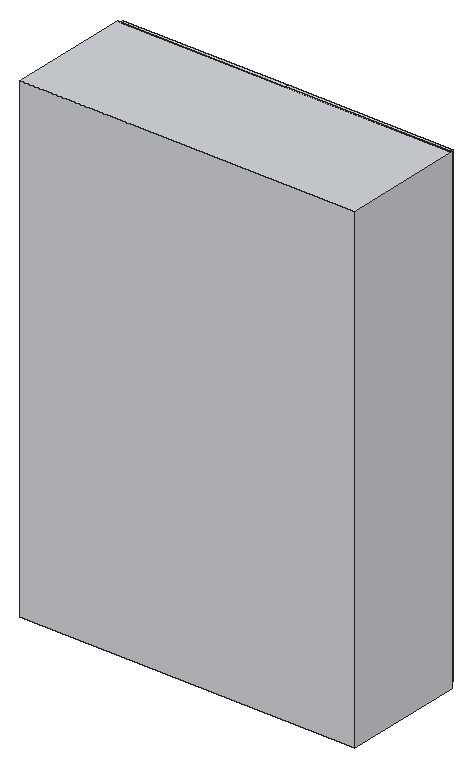
Revit family "Armário - Closet - Porta com armação dupla 1", category Mobiliário, Revit 2019
Family settings
  Número OmniClass = 23.40.20.00
  Título OmniClass = General Furniture and Specialties
  Com base no plano de trabalho = Não
  Sempre na vertical = Sim
  Corte com vazios quando carregada = Não
  Compartilhado = Não
  Ponto de cálculo do ambiente = Não
Parameters
  Largura [instance] = 1600 mm
  Material do closet = none
  Altura [instance] = 2300 mm
  Material do puxador = none
  Linear [instance] = 600 mm
Reference planes
  plane 1 "Centro (Frente/Trás)": y = 0
  plane 2: z = 0
  plane 3 "Centro (Esquerda/Direita)": x = 0
  plane 4: z = 2300
  plane 5: z = 18
  plane 6: z = 1300
  plane 7: z = 500
  plane 8: z = 1200
  plane 9: z = 600
  plane 10: y = 582
  plane 11: y = 600
  plane 12: x = -800
  plane 13: x = 800
  plane 14: x = -787.5
  plane 15: x = 787.5
  plane 16: x = -55
  plane 17: x = 55
  plane 18: y = 650
  plane 19: x = -60
  plane 20: x = -50
  plane 21: x = 60
  plane 22: x = 50
Forms (mm)
  Extrusion 1, solid, material <- "Material do closet", detail levels medium+fine
    sketch origin (0, 0, 0) x (1, 0, 0) y (0, 1, 0)
      loop
        line (-800, 0) -> (800, 0) -> (800, 582) -> (-800, 582) -> (-800, 0)
    from 0 to 2300
  Extrusion 2, solid, material <- "Material do closet", detail levels medium+fine
    sketch origin (0, 0, 0) x (1, 0, 0) y (0, 1, 0)
      loop
        line (-787.5, 582) -> (0, 582) -> (0, 600) -> (-787.5, 600) -> (-787.5, 582)
    from 18 to 2300
  Extrusion 3, solid, material <- "Material do closet", detail levels medium+fine
    sketch origin (0, 0, 0) x (-1, 0, 0) y (0, -1, 0)
      loop
        line (-787.5, -582) -> (-787.5, -600) -> (0, -600) -> (0, -582) -> (-787.5, -582)
    from 18 to 2300
  Extrusion 4, solid, material <- "Material do closet", detail levels coarse
    sketch origin (0, 0, 0) x (1, 0, 0) y (0, 1, 0)
      loop
        line (-800, 0) -> (800, 0) -> (800, 600) -> (-800, 600) -> (-800, 0)
    from 0 to 2300
  Extrusion 5, solid, material <- "Material do puxador", detail levels medium+fine
    sketch origin (0, 0, 0) x (1, 0, 0) y (0, 1, 0)
      loop
        circle (-55, 650) r 10
      loop
        circle (55, 650) r 10
    from 500 to 1300
  Extrusion 6, solid, material <- "Material do puxador", detail levels medium+fine
    sketch origin (0, 0, 0) x (1, 0, 0) y (0, 0, -1)
      loop
        circle (-55, -1200) r 5
      loop
        circle (55, -1200) r 5
      loop
        circle (-55, -600) r 5
      loop
        circle (55, -600) r 5
    from 600 to 650
Lines and regions (mm)
  Masking region 1, detail levels coarse
    outline origin (0, 0, 0) x (0, 1, 0) y (0, 0, 1)
      loop
        line (-618, 2300) -> (-618, 0) -> (0, 0) -> (0, 2300) -> (-618, 2300)
  Masking region 2, detail levels coarse
    outline origin (0, 0, 0) x (1, 0, 0) y (0, 1, 0)
      loop
        line (-800, 0) -> (800, 0) -> (800, 600) -> (-800, 600) -> (-800, 0)
  Masking region 3, detail levels medium+fine
    outline origin (0, 0, 0) x (1, 0, 0) y (0, 1, 0)
      loop
        line (-800, 0) -> (800, 0) -> (800, 582) -> (787.5, 582) -> (787.5, 600) -> (-787.5, 600) -> (-787.5, 582) -> (-800, 582) -> (-800, 0)
  Masking region 4, detail levels medium+fine
    outline origin (0, 0, 0) x (1, 0, 0) y (0, 1, 0)
      loop
        line (-60, 600) -> (-50, 600) -> (-50, 641.34)
        arc (-50, 641.34) -> (-55, 660) -> (-60, 641.34) r 10
        line (-60, 641.34) -> (-60, 600)
      loop
        line (50, 600) -> (60, 600) -> (60, 641.34)
        arc (60, 641.34) -> (55, 660) -> (50, 641.34) r 10
        line (50, 641.34) -> (50, 600)
  Split face 1
    outline origin (800, 600, 0) x (-1, 0, 0) y (0, 0, 1)
      loop
        line (800, 0) -> (800, 2300)
  symbolic lines
    curve 1: line (-800, 0, 0) -> (800, 0, 0)
    curve 3: line (800, 0, 0) -> (800, 582, 0)
    curve 9: line (-800, 582, 0) -> (-800, 0, 0)
    curve 12: line (787.5, 600, 0) -> (-787.5, 600, 0)
  symbolic lines, detail levels coarse
    curve 2: line (-800, 600, 0) -> (-800, 582, 0)
    curve 10: line (800, 582, 0) -> (800, 600, 0)
    curve 13: line (-800, 600, 0) -> (800, 600, 0)
    curve 15: line (-800, 0, 0) -> (800, 600, 0)
    curve 16: line (800, 0, 0) -> (-800, 600, 0)
  symbolic lines, detail levels medium+fine
    curve 4: line (-800, 582, 0) -> (800, 582, 0)
    curve 5: line (-50, 641.34, 0) -> (-50, 600, 0)
    curve 6: line (-60, 641.34, 0) -> (-60, 600, 0)
    curve 7: line (50, 641.34, 0) -> (50, 600, 0)
    curve 8: line (60, 641.34, 0) -> (60, 600, 0)
    curve 11: line (-787.5, 582, 0) -> (-787.5, 600, 0)
    curve 14: line (0, 582, 0) -> (0, 600, 0)
    curve 17: line (-800, 0, 0) -> (800, 582, 0)
    curve 18: line (800, 0, 0) -> (-800, 582, 0)
    curve 23: circle (-55, 650, 0) r 10 normal (0, 0, -1)
    curve 24: circle (55, 650, 0) r 10 normal (0, 0, -1)
    curve 25: line (787.5, 600, 0) -> (787.5, 582, 0)
  symbolic lines, style "Giro da planta", detail levels medium+fine
    curve 19: line (-787.5, 600, 0) -> (-34.333, 829.992, 0)
    curve 20: arc (0, 600, 0) -> (-8.631, 716.27, 0) -> (-34.333, 829.992, 0) r 787.5
    curve 21: line (787.5, 600, 0) -> (34.333, 829.992, 0)
    curve 22: arc (0, 600, 0) -> (8.631, 716.27, 0) -> (34.333, 829.992, 0) r 787.5
Dimensions and locks
  "Altura": plane 4 to plane 2
  locked: plane 5 to plane 2 at 18
  locked: plane 7 to plane 2 at 500
  locked: plane 6 to plane 7 at 800
  locked: plane 9 to plane 7 at 100
  locked: plane 6 to plane 8 at 100
  equal spacing: plane 12, plane 3 "Centro (Esquerda/Direita)", plane 13
  "Largura": plane 12 to plane 13
  locked: plane 10 to plane 11 at 18
  locked: plane 12 to plane 14 at 12.5
  locked: plane 15 to plane 13 at 12.5
  locked: plane 11 to plane 18 at 50
  "Linear": plane 1 "Centro (Frente/Trás)" to plane 11
  aligned and locked: level to plane 2
  aligned and locked: plane 1 "Centro (Frente/Trás)" to Extrusion 1 sketch curve
  aligned and locked: plane 12 to Extrusion 1 sketch curve
  aligned and locked: Extrusion 1 sketch curve to plane 10
  aligned and locked: Extrusion 1 sketch curve to plane 13
  aligned and locked: plane 10 to Extrusion 2 sketch curve
  aligned and locked: plane 14 to Extrusion 2 sketch curve
  aligned and locked: Extrusion 2 sketch curve to plane 11
  aligned and locked: Extrusion 2 sketch curve to plane 3 "Centro (Esquerda/Direita)"
  aligned and locked: plane 3 "Centro (Esquerda/Direita)" to Extrusion 3 sketch curve
  aligned and locked: Extrusion 3 sketch curve to plane 10
  aligned and locked: plane 11 to Extrusion 3 sketch curve
  aligned and locked: Extrusion 3 sketch curve to plane 15
  aligned and locked: curve 1 to Extrusion 1
  aligned and locked: Masking region 2 sketch curve to Extrusion 1
  aligned and locked: Masking region 2 sketch curve to curve 2
  aligned and locked: Masking region 2 sketch curve to curve 3
  aligned and locked: curve 4 to Extrusion 1
  aligned and locked: curve 11 to Extrusion 2
  aligned and locked: curve 13 to Masking region 2
  aligned and locked: Masking region 3 sketch curve to plane 1 "Centro (Frente/Trás)"
  aligned and locked: Masking region 3 sketch curve to plane 12
  aligned and locked: plane 10 to Masking region 3 sketch curve  (x2)
  aligned and locked: Masking region 3 sketch curve to plane 14
  aligned and locked: plane 11 to Masking region 3 sketch curve
  aligned and locked: plane 15 to Masking region 3 sketch curve
  aligned and locked: plane 13 to Masking region 3 sketch curve
  aligned and locked: curve 14 to Extrusion 2
  aligned and locked: curve 6 to Masking region 4 sketch curve
  aligned and locked: curve 5 to Masking region 4 sketch curve
  aligned and locked: curve 7 to Masking region 4 sketch curve
  aligned and locked: curve 8 to Masking region 4 sketch curve
  aligned and locked: Extrusion 4 sketch curve to Extrusion 1
  aligned and locked: Extrusion 4 sketch curve to Masking region 2  (x2)
  aligned and locked: Extrusion 4 sketch curve to plane 13
  aligned and locked: plane 3 "Centro (Esquerda/Direita)" to Split face 1 sketch curve
  aligned and locked: curve 16 to plane 12
  aligned and locked: curve 15 to plane 11
  aligned and locked: curve 15 to plane 13
  aligned and locked: curve 18 to plane 12
  aligned and locked: curve 17 to plane 10
  aligned and locked: curve 17 to plane 13
  aligned and locked: plane 1 "Centro (Frente/Trás)" to curve 18
  aligned and locked: curve 18 to plane 13
  aligned and locked: curve 17 to plane 12
  aligned and locked: curve 19 to plane 14
  aligned and locked: curve 19 to plane 11
  aligned and locked: curve 20 to plane 3 "Centro (Esquerda/Direita)"
  aligned and locked: curve 20 to plane 11
  aligned and locked: curve 21 to plane 11
  aligned and locked: curve 22 to plane 3 "Centro (Esquerda/Direita)"
  aligned and locked: plane 16 to Extrusion 5 sketch curve
  aligned and locked: Extrusion 5 sketch curve to plane 18  (x2)
  aligned and locked: plane 17 to Extrusion 5 sketch curve
  aligned and locked: Extrusion 6 sketch curve to plane 16  (x2)
  aligned and locked: Extrusion 6 sketch curve to plane 17  (x2)
  aligned and locked: Extrusion 6 to plane 11
  aligned and locked: plane 18 to Extrusion 6
  aligned and locked: Masking region 4 sketch curve to plane 18  (x2)
  aligned and locked: plane 16 to Masking region 4 sketch curve
  aligned and locked: plane 17 to Masking region 4 sketch curve
  aligned and locked: curve 23 to plane 18
  aligned and locked: curve 23 to plane 16
  aligned and locked: curve 24 to plane 18
  aligned and locked: curve 24 to plane 17
  aligned and locked: plane 4 to Extrusion 1
  aligned and locked: plane 4 to Extrusion 2
  aligned and locked: plane 4 to Extrusion 3
  aligned and locked: plane 4 to Extrusion 4
  aligned and locked: Extrusion 4 to plane 2
  aligned and locked: Extrusion 1 to plane 2
  aligned and locked: Extrusion 2 to plane 5
  aligned and locked: Extrusion 3 to plane 5
  aligned and locked: curve 25 to plane 15
Automatic sketch dimensions
  Masking region 1 sketch curve to level = 0 mm
  Masking region 1 sketch curve to plane 4 = 0 mm
  Masking region 1 sketch curve to plane 1 "Centro (Frente/Trás)" = 0 mm
  plane 1 "Centro (Frente/Trás)" to Masking region 1 sketch curve = 618 mm
  plane 11 to Masking region 2 sketch curve = 0 mm
  Masking region 4 sketch curve to plane 19 = 0 mm
  plane 11 to Masking region 4 sketch curve = 0 mm  (x2)
  Masking region 4 sketch curve to plane 20 = 0 mm
  Masking region 4 sketch curve to plane 22 = 0 mm
  Masking region 4 sketch curve to plane 21 = 0 mm
  plane 18 to Masking region 4 sketch curve = 8.66 mm  (x2)
  Split face 1 sketch curve to Extrusion 4 = 0 mm  (x2)
  Extrusion 6 sketch curve to plane 9 = 0 mm  (x2)
  Extrusion 6 sketch curve to plane 8 = 0 mm  (x2)
  curve 20 to plane 14 = 0 mm
  curve 22 to plane 15 = 0 mm
  plane 20 to curve 19 = 15.667 mm
  plane 22 to curve 22 = 15.667 mm
  plane 18 to curve 5 = 8.66 mm
  plane 18 to curve 7 = 8.66 mm
  radius of Extrusion 5 sketch curve = 10 mm  (x2)
  radius of Extrusion 6 sketch curve = 5 mm  (x4)
